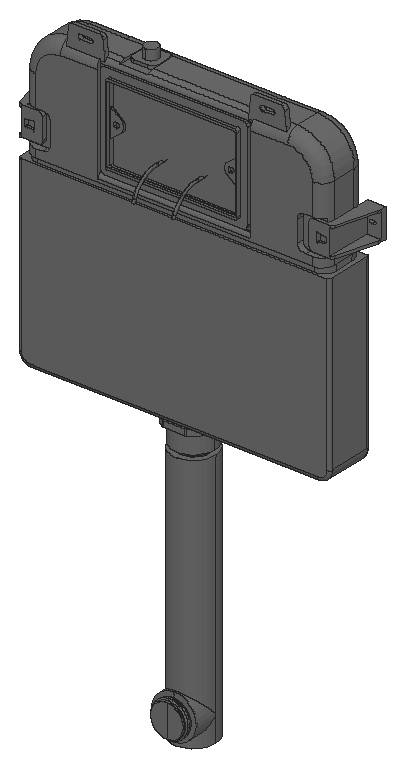
Revit family "Cistern_InWall_Nero_Concealed_Pneumatic", category Plumbing Fixtures, Revit 2022 (continued)
Automatic sketch dimensions
  curve 37 to curve 28 = 21.723 mm
  curve 28 to curve 21 = 0.07 mm
  curve 24 to curve 34 = 0.349 mm
  curve 34 to curve 23 = 0.035 mm
  curve 28 to curve 29 = 0.36 mm
  curve 29 to curve 26 = 0.987 mm
  plane 5 "Back" to curve 19 = 26 mm
  plane 5 "Back" to curve 3 = 26 mm
  curve 28 to curve 27 = 8.428 mm
  curve 27 to curve 29 = 1.063 mm
  curve 31 to curve 32 = 0.437 mm
  curve 29 to curve 26 = 0.708 mm
  curve 32 to curve 25 = 1 mm
  curve 42 to plane 3 "Right" = 23.802 mm
  curve 42 to curve 43 = 5.779 mm
  curve 45 to curve 19 = 0.919 mm
  curve 18 to curve 18 = 20 mm
  curve 20 to curve 14 = 46.303 mm
  curve 11 to curve 14 = 0.399 mm
  curve 12 to curve 13 = 60.598 mm
  curve 12 to curve 11 = 0.564 mm
  curve 22 to plane 6 "Center (Left/Right)" = 48.889 mm
  curve 22 to curve 23 = 1.614 mm
  curve 34 to curve 33 = 0.768 mm
  curve 24 to curve 38 = 10.481 mm
  curve 24 to curve 25 = 20.846 mm
  curve 38 to curve 37 = 11.296 mm
  curve 27 to curve 28 = 9.166 mm
  curve 28 to curve 29 = 0.986 mm
  curve 29 to curve 26 = 0.426 mm
  curve 37 to curve 22 = 11.839 mm
  curve 21 to curve 8 = 22.026 mm
  curve 6 to curve 7 = 0.564 mm
  curve 7 to curve 7 = 60.598 mm
  curve 7 to curve 9 = 0.399 mm
  curve 7 to curve 4 = 46.701 mm
  curve 2 to curve 2 = 20 mm
  curve 48 to curve 1 = 3.598 mm
  curve 1 to curve 40 = 5.779 mm
  curve 46 to curve 47 = 6.887 mm
  curve 10 to curve 15 = 0.5 mm
  curve 42 to curve 42 = 1.378 mm
  curve 40 to curve 40 = 1.378 mm
  plane 5 "Back" to curve 45 = 12 mm
  plane 5 "Back" to curve 44 = 12 mm
  curve 15 to curve 11 = 7.863 mm
  curve 11 to curve 16 = 9.77 mm
  plane 6 "Center (Left/Right)" to curve 49 = 43.577 mm
  curve 49 to curve 49 = 4 mm
  curve 49 to curve 47 = 9.997 mm
  curve 47 to curve 46 = 3.221 mm
  curve 46 to plane 6 "Center (Left/Right)" = 26.359 mm
  curve 46 to curve 47 = 3.221 mm
  curve 16 to curve 6 = 9.77 mm
  curve 6 to curve 5 = 7.863 mm
  plane 5 "Back" to Extrusion 29 sketch curve = 0 mm
  plane 5 "Back" to curve 26 = 30.511 mm
  curve 20 to plane 9 "WallFace" = 25 mm
  curve 3 to plane 9 "WallFace" = 25 mm
  curve 7 to plane 9 "WallFace" = 17 mm
  curve 12 to plane 9 "WallFace" = 17 mm
  curve 48 to curve 3 = 10 mm
  curve 20 to curve 20 = 20 mm
  curve 15 to curve 10 = 5 mm
  curve 5 to curve 10 = 5 mm
  curve 16 to plane 9 "WallFace" = 5 mm
  plane 9 "WallFace" to curve 49 = 1 mm
  plane 9 "WallFace" to curve 47 = 1 mm
  profile plane to Sweep 1 sketch curve = 0 mm
  Extrusion 8 sketch curve to plane 9 "WallFace" = 25 mm
  Extrusion 8 sketch curve to Extrusion 8 sketch curve = 3.9 mm
  Extrusion 22 sketch curve to plane 9 "WallFace" = 45 mm
  plane 9 "WallFace" to Revolve 25 sketch curve = 9.5 mm
  Revolve 25 sketch curve to Revolve 25 sketch curve = 0.16 mm
  Revolve 25 sketch curve to plane 9 "WallFace" = 5 mm
  Extrusion 26 sketch curve to plane 9 "WallFace" = 6.552 mm
  Extrusion 29 sketch curve to plane 9 "WallFace" = 5 mm
  Extrusion 30 sketch curve to plane 9 "WallFace" = 13.5 mm
  Extrusion 36 sketch curve to plane 9 "WallFace" = 13.5 mm
  Extrusion 36 sketch curve to Extrusion 36 sketch curve = 1.378 mm
  Sweep 40 sketch curve to plane 8 "Front" = 4.727 mm
  Sweep 40 sketch curve to plane 9 "WallFace" = 20 mm
  Sweep 41 sketch curve to plane 8 "Front" = 4.727 mm
  Sweep 41 sketch curve to plane 9 "WallFace" = 20 mm
  plane 9 "WallFace" to Masking region 1 sketch curve = 10.218 mm
  plane 9 "WallFace" to Masking region 1 sketch curve = 1 mm
  Masking region 1 sketch curve to plane 9 "WallFace" = 5 mm  (x2)
  Masking region 1 sketch curve to Masking region 1 sketch curve = 1.378 mm  (x2)
  radius of Extrusion 22 sketch curve = 36 mm
  radius of Extrusion 28 sketch curve = 11 mm
  radius of Sweep 40 sketch curve = 2 mm
  radius of Sweep 41 sketch curve = 2 mm
  radius of Extrusion 27 sketch curve to Extrusion 26 = 1 mm
  radius of Revolve 23 to Extrusion 24 sketch curve = 9.5 mm  (x2)
  radius of Extrusion 38 sketch curve to Extrusion 9 = 0 mm  (x2)
  radius of Extrusion 9 to Extrusion 38 sketch curve = 3 mm  (x2)
  radius of Extrusion 39 sketch curve = 5 mm  (x2)
  radius of curve 38 = 11 mm
Connectors
  piping at (-71.977, 57.975, 104.75), diameter 12.7, driven by "CW Connection"
    settings: on Extrusion 28, index 1, connector inside diameter 609.6 mm, connector length 0 mm, flow factor 0, pipe flow 0.0 L/s, pressure drop 0.0 Pa, fitting loss kfactor 0, connector angle 0.00°, fixture units 0, engagement length 0 mm, angle of deflection 0.00°, flow configuration 0, flow direction 1, fitting loss method 0, system type 20, joint type 0, gender type 0, connector reference index -1, connector utility 1, adjustable connector no, is connector primary yes, connector description "Cold Water Supply"
  piping at (0, 0.462, -830), diameter 46, driven by "CW Connection"
    settings: on Revolve 25, index 2, connector inside diameter 609.6 mm, connector length 0 mm, flow factor 0, pipe flow 0.0 L/s, pressure drop 0.0 Pa, fitting loss kfactor 0, connector angle 0.00°, fixture units 0, engagement length 0 mm, angle of deflection 0.00°, flow configuration 0, flow direction 2, fitting loss method 0, system type 20, joint type 0, gender type 0, connector reference index -1, connector utility 1, adjustable connector no, is connector primary no, connector description "Cold Water Outlet"
